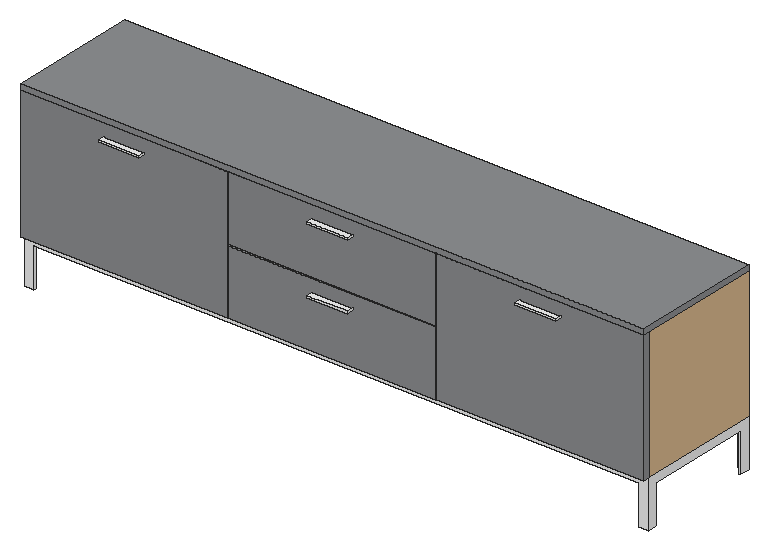
Revit family
Parameters (values of type "2000 x 400 x 400 mm")
  Profondità = 400 mm
  Manufacturer = "Revit"
  Piedi Visibili [instance] = yes
  Materiale Maniglie = Metallo - Alluminio
  Materiale Lati = Legno - Betulla
  Materiale = Smalto - Grigio
  Larghezza = 2000 mm
Types (4, lengths in mm): name | Larghezza
  (no name) | 2000
  1800 x 400 x 400 mm | 1800
  1600 x 400 x 400 mm | 1600
  2000 x 400 x 400 mm | 2000
Reference planes
  plane 1 "Center (Front/Back)": y = 0
  plane 2: z = 0
  plane 3 "Center (Left/Right)": x = -100
  plane 4: y = -400
  plane 5: x = -1100
  plane 6: x = 900
  plane 7: x = -433.333
  plane 8: x = 233.333
  plane 9: z = 360
  plane 10: z = 530
Forms (mm)
  Extrusion 1, solid, material "Legno - Betulla" <- "Materiale Lati"
    sketch origin (0, 0, 150) x (1, 0, 0) y (0, 1, 0)
      loop
        line (-1100, 0) -> (-1100, -400) -> (900, -400) -> (900, 0) -> (-1100, 0)
    from 0 to 20
  Extrusion 2, solid, material "Legno - Betulla" <- "Materiale Lati"
    sketch origin (0, 0, 170) x (1, 0, 0) y (0, 1, 0)
      loop
        line (-1100, 0) -> (-1100, -400) -> (-1080, -400) -> (-1080, -20) -> (880, -20) -> (880, -400) -> (900, -400) -> (900, 0) -> (-1100, 0)
    from 0 to 400
  Extrusion 3, solid, material "Smalto - Grigio" <- "Materiale"
    sketch origin (0, 0, 570) x (1, 0, 0) y (0, 1, 0)
      loop
        line (-1100, 0) -> (-1100, -418) -> (900, -418) -> (900, 0) -> (-1100, 0)
    from 0 to 18
  Extrusion 4, solid, material "Smalto - Grigio" <- "Materiale"
    sketch origin (-1100, -400, 170) x (0, 0, -1) y (1, 0, 0)
      loop
        line (20, 0) -> (20, 664.667) -> (-400, 664.667) -> (-400, 0) -> (20, 0)
      loop
        line (20, 2000) -> (-400, 2000) -> (-400, 1335.333) -> (20, 1335.333) -> (20, 2000)
      loop
        line (20, 666.667) -> (20, 1333.333) -> (-188, 1333.333) -> (-188, 666.667) -> (20, 666.667)
      loop
        line (-400, 666.667) -> (-192, 666.667) -> (-192, 1333.333) -> (-400, 1333.333) -> (-400, 666.667)
    from 0 to 18
Cuts and joins
  joined: Extrusion 1, Extrusion 2
Lines and regions (mm)
  symbolic lines
    curve 1: line (900, 0, 0) -> (-1100, 0, 0)
    curve 2: line (-1100, 0, 0) -> (-1100, -418, 0)
    curve 3: line (-1100, -418, 0) -> (900, -418, 0)
    curve 4: line (900, -418, 0) -> (900, 0, 0)
    curve 5: line (536, -418, 0) -> (536, -438, 0)
    curve 6: line (536, -438, 0) -> (666, -438, 0)
    curve 7: line (666, -438, 0) -> (666, -418, 0)
    curve 8: line (-165, -418, 0) -> (-165, -438, 0)
    curve 9: line (-165, -438, 0) -> (-35, -438, 0)
    curve 10: line (-35, -438, 0) -> (-35, -418, 0)
    curve 11: line (-866, -418, 0) -> (-866, -438, 0)
    curve 12: line (-866, -438, 0) -> (-736, -438, 0)
    curve 13: line (-736, -438, 0) -> (-736, -418, 0)
Dimensions and locks
  "Profondità": plane 4 to plane 1 "Center (Front/Back)"
  "Larghezza": plane 5 to plane 6
  plane 5 to plane 6 = 2000 mm
  locked: Extrusion 2 sketch curve to Extrusion 2 sketch curve at 20  (x3)
  equal spacing: plane 5, plane 7, plane 8, plane 6
  locked: Extrusion 4 sketch curve to Extrusion 4 sketch curve at 2  (x2)
  equal spacing: plane 5, nested 2, Extrusion 4
  equal spacing: Extrusion 4, nested 4, plane 6
  equal spacing: Extrusion 4, nested 3, Extrusion 4
  equal spacing: Extrusion 4, nested 5, Extrusion 4
  equal spacing: Extrusion 3, plane 9, Extrusion 1
  equal spacing: plane 5, plane 3 "Center (Left/Right)", plane 6
  aligned and locked: plane 5 to Extrusion 1 sketch curve
  aligned and locked: plane 6 to Extrusion 1 sketch curve
  aligned and locked: Extrusion 2 sketch curve to Extrusion 1  (x2)
  aligned and locked: Extrusion 1 to Extrusion 2 sketch curve
  aligned and locked: Extrusion 3 to Extrusion 4
  aligned and locked: Extrusion 1 sketch curve to plane 5
  aligned and locked: Extrusion 3 sketch curve to plane 5
  aligned and locked: plane 6 to Extrusion 3 sketch curve
  aligned and locked: plane 8 to Extrusion 4 sketch curve
  aligned and locked: Extrusion 4 sketch curve to plane 7
  aligned and locked: plane 6 to Extrusion 4 sketch curve
  aligned and locked: plane 5 to Extrusion 4 sketch curve
  aligned and locked: Extrusion 3 to nested 2
  aligned and locked: Extrusion 3 to nested 3
  aligned and locked: Extrusion 3 to nested 4
  aligned and locked: Extrusion 4 to nested 5
  aligned and locked: nested 1 to plane 6
  aligned and locked: nested 1 to plane 1 "Center (Front/Back)"
Automatic sketch dimensions
  curve 2 to curve 11 = 234 mm
  plane 4 to curve 13 = 38 mm
  curve 11 to curve 13 = 130 mm
  curve 9 to plane 3 "Center (Left/Right)" = 65 mm
  plane 3 "Center (Left/Right)" to curve 9 = 65 mm
  plane 4 to curve 5 = 38 mm
  curve 5 to curve 7 = 130 mm
  curve 10 to curve 10 = 20 mm
  Extrusion 1 sketch curve to plane 4 = 0 mm
  Extrusion 1 sketch curve to plane 1 "Center (Front/Back)" = 0 mm
  Extrusion 2 sketch curve to plane 4 = 0 mm  (x2)
  Extrusion 3 sketch curve to plane 1 "Center (Front/Back)" = 0 mm
  plane 4 to Extrusion 3 sketch curve = 18 mm
  curve 1 to plane 1 "Center (Front/Back)" = 0 mm
  curve 1 to plane 5 = 0 mm
  curve 4 to plane 6 = 0 mm
  plane 6 to curve 6 = 364 mm
  plane 4 to curve 10 = 38 mm
  Extrusion 4 sketch curve to plane 8 = 0 mm
  Extrusion 4 sketch curve to plane 7 = 0 mm
  Extrusion 4 sketch curve to plane 10 = 40 mm  (x3)
  Extrusion 4 sketch curve to plane 9 = 2 mm
  plane 9 to Extrusion 4 sketch curve = 2 mm
  level to Extrusion 4 sketch curve = 150 mm  (x2)
  Extrusion 4 sketch curve to Extrusion 4 sketch curve = 0 mm
Nested families
  nested 1: "IT_Piedi Cassettiere" at (-100, -200, 0), visible <- "Piedi Visibili", type "IT_Piedi Cassettiere"
    with Larghezza 2000 mm
  nested 2: "IT_Maniglia" at (-767.667, -418, 524), type "130 x 20 mm", detail levels medium+fine
  nested 3: "IT_Maniglia" at (-100, -418, 524), type "130 x 20 mm", detail levels medium+fine
  nested 4: "IT_Maniglia" at (567.667, -418, 524), type "130 x 20 mm", detail levels medium+fine
  nested 5: "IT_Maniglia" at (-100, -418, 312), type "130 x 20 mm", detail levels medium+fine
Definition of nested family "IT_Piedi Cassettiere"
  Parameters
    Manufacturer = "Revit"
    Materiale = none
    Lunghezza = 400 mm
    Larghezza = 1200 mm
  Reference planes
    plane 1 "Center (Front/Back)": y = 0
    plane 2: z = 0
    plane 3 "Center (Left/Right)": x = 0
    plane 4: x = -600
    plane 5: x = 600
    plane 6: y = 200
    plane 7: y = -200
  Forms (mm)
    Extrusion 1, solid, material <- "Materiale"
      sketch origin (0, 0, 0) x (1, 0, 0) y (0, 1, 0)
        loop
          line (-600, 200) -> (-600, 170) -> (-595, 170) -> (-595, 195) -> (-570, 195) -> (-570, 200) -> (-600, 200)
        loop
          line (600, 200) -> (570, 200) -> (570, 195) -> (595, 195) -> (595, 170) -> (600, 170) -> (600, 200)
        loop
          line (-600, -200) -> (-570, -200) -> (-570, -195) -> (-595, -195) -> (-595, -170) -> (-600, -170) -> (-600, -200)
        loop
          line (600, -200) -> (600, -170) -> (595, -170) -> (595, -195) -> (570, -195) -> (570, -200) -> (600, -200)
      from 0 to 150
    Extrusion 2, solid, material <- "Materiale"
      sketch origin (0, 0, 0) x (1, 0, 0) y (0, 1, 0)
        loop
          line (-600, 170) -> (-600, -170) -> (-595, -170) -> (-595, 170) -> (-600, 170)
        loop
          line (595, 170) -> (595, -170) -> (600, -170) -> (600, 170) -> (595, 170)
        loop
          line (570, 200) -> (-570, 200) -> (-570, 195) -> (570, 195) -> (570, 200)
        loop
          line (570, -195) -> (-570, -195) -> (-570, -200) -> (570, -200) -> (570, -195)
      from 125 to 150
  Cuts and joins
    joined: Extrusion 1, Extrusion 2
  Dimensions and locks
    locked: Extrusion 1 sketch curve to Extrusion 1 sketch curve at 30  (x8)
    locked: Extrusion 1 sketch curve to Extrusion 1 sketch curve at 5  (x8)
    equal spacing: plane 4, plane 3 "Center (Left/Right)", plane 5
    "Larghezza": plane 4 to plane 5
    "Lunghezza": plane 7 to plane 6
    equal spacing: plane 7, plane 1 "Center (Front/Back)", plane 6
    aligned and locked: plane 4 to Extrusion 1
    aligned and locked: plane 6 to Extrusion 1
    aligned and locked: Extrusion 1 to plane 7
    aligned and locked: plane 5 to Extrusion 1
    aligned and locked: Extrusion 1 sketch curve to plane 6
    aligned and locked: Extrusion 1 sketch curve to plane 5
    aligned and locked: plane 5 to Extrusion 1 sketch curve
    aligned and locked: Extrusion 1 sketch curve to plane 7  (x2)
    aligned and locked: plane 4 to Extrusion 1 sketch curve
    aligned and locked: Extrusion 1 to Extrusion 2 sketch curve  (x6)
    aligned and locked: Extrusion 2 sketch curve to Extrusion 1  (x10)
  Automatic sketch dimensions
    Extrusion 1 sketch curve to plane 4 = 0 mm
    Extrusion 1 sketch curve to plane 6 = 0 mm
Definition of nested family "IT_Maniglia"
  Parameters (values of type "130 x 20 mm")
    Manufacturer = "Revit"
    Materiale = none
  Reference planes
    plane 1 "Center (Front/Back)": y = 0
    plane 2: z = 0
    plane 3 "Center (Left/Right)": x = 0
    plane 4: x = 0
  Forms (mm)
    Extrusion 1, solid, material <- "Materiale"
      sketch origin (606.104, 622.846, 0) x (1, 0, 0) y (0, 1, 0)
        loop
          line (-671.104, -622.846) -> (-671.104, -642.846) -> (-541.104, -642.846) -> (-541.104, -622.846) -> (-671.104, -622.846)
      from 0 to 6
  Dimensions and locks
    locked: Extrusion 1 sketch curve to Extrusion 1 sketch curve at 20
    locked: Extrusion 1 sketch curve to Extrusion 1 sketch curve at 130
